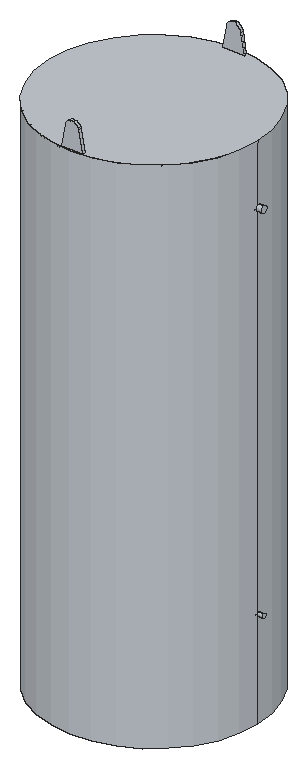
Revit family "Storage_Tank-Rheem--", category Mechanical Equipment, Revit 2021
Family settings
  Round Connector Dimension = Use Diameter
  Classification = None
  Part Type = Normal
  OmniClass Number = 23.65.00.00
  OmniClass Title = Supply and Distribution of Liquids and Gases
  Work Plane-Based = No
  Always vertical = Yes
  Cut with Voids When Loaded = No
  Shared = No
  Room Calculation Point = No
Parameters (values of type "1000L")
  Weight Empty = 400.00 kgf
  Water Heater Array Quantity [instance] = 1
  Version = 1
  URL = "https://www.rheem.com.au/"
  Top Hook Height = 110 mm
  Tank Outside Radius = Tank Outside Diameter / 2  # 440 mm
  Tank Outside Diameter = 880 mm
  Tank Material = Metal - Rheem - Stainless Steel
  Tank Height = 2200 mm
  System Flow Coefficient [instance] = if(Water Heater Array Quantity < 2, 1, 1 / Water Heater Array Quantity)  # 100.00%
  Storage Capacity = 3000.00 L
  Product Page URL = "https://www.rheem.com.au/rheem/products/Commercial/Commercial-Storage-Tanks/c/commercial-storage-tanks"
  Model = "1000L"
  Maximum Water Supply Pressure = 560.00 kPa
  Maximum Stored Water Temperature = 85 °C
  Maximum Power Input = 147 kW
  Manufacturer = "Rheem"  # constant formula
  Hot Water Supply Offset = 1803 mm
  Hot Water Supply Flow [instance] = 0 GPM
  Hot Water Return Flow [instance] = 0 GPM
  Hot Water Flow Return Offset = 879 mm
  ENGworks Global = "www.ENGworksGlobal.com"
  Description = "Air Sourced Heat Pump Water Heater"
  Default Elevation = 0 mm
  Cold Water Inlet Offset = 417 mm
  Cold Water Inlet Flow [instance] = Hot Water Supply Flow - Hot Water Return Flow  # 0 GPM
  Base Mount Offset From Center = 220 mm
  Assembly Code = "D3020"
Types (3, lengths in mm): name | Weight Empty | Water Heater Array Quantity | Tank Outside Radius | Tank Outside Diameter | Tank Height | Storage Capacity | Model | Hot Water Supply Offset | Hot Water Flow Return Offset | Cold Water Inlet Offset | Base Mount Offset From Center
  1000L | 400.00 kgf | 1 | 440 | 880 | 2200 | 3000.00 L | "1000L" | 1803 | 879 | 417 | 220
  2000L | 330.00 kgf | 0 | 650 | 1300 | 2090 | 2000.00 L | "2000L" | 1700 | 1024 | 462 | 325
  3000L | 400.00 kgf | 0 | 650 | 1300 | 2990 | 3000.00 L | "3000L" | 2395 | 1135 | 505 | 325
Reference planes
  plane 1 "Center (Front/Back)": y = 0
  plane 2: z = 0
  plane 3 "Center (Left/Right)": x = 0
  plane 4: z = 2200
  plane 5: z = 2310
  plane 6: z = 1950
  plane 7: z = 1803
  plane 8: z = 879
  plane 9: z = 417
  plane 10: x = -465
  plane 11: x = -440
  plane 12: x = 465
  plane 13: y = 440
  plane 14: y = -440
  plane 15: y = -460
Forms (mm)
  Sweep 1, solid, material "Metal - Rheem - Stainless Steel" <- "Tank Material"
    path origin (0, 0, 0) x (1, 0, 0) y (0, 0, 1)
      loop
        line (0, 2200) -> (0, 0)
    profile "Profile-Pipe OR : Profile-Pipe OR" origin (0, 0, 1100) x (1, 0, 0) y (0, -1, 0)
      loop
        circle (0, 0) r 440
  Extrusion 2, solid, material "Metal - Rheem - Stainless Steel" <- "Tank Material"
    sketch origin (0, 0, 0) x (1, 0, 0) y (0, 0, 1)
      loop
        line (-45.594, 2200) -> (45.594, 2200) -> (28.349, 2286.801)
        arc (28.349, 2286.801) -> (0.115, 2310) -> (-28.163, 2286.856) r 28.814
        line (-28.163, 2286.856) -> (-45.594, 2200)
    from 420 to 430
  Sweep 3, solid, material "Metal - Rheem - Stainless Steel" <- "Tank Material"
    path origin (0, 0, 0) x (1, 0, 0) y (0, 0, 1)
      loop
        line (-465, 1803) -> (0, 1803)
    profile "Profile-Pipe OR : Profile-Pipe OR 2" origin (-232.5, 0, 1803) x (0, 0, 1) y (0, -1, 0)
      loop
        circle (0, 0) r 25
  Sweep 4, solid, material "Metal - Rheem - Stainless Steel" <- "Tank Material"
    path origin (0, 0, 0) x (1, 0, 0) y (0, 0, 1)
      loop
        line (-465, 879) -> (0, 879)
    profile "Profile-Pipe OR : Profile-Pipe OR 2" origin (-232.5, 0, 879) x (0, 0, 1) y (0, -1, 0)
      loop
        circle (0, 0) r 25
  Sweep 5, solid, material "Metal - Rheem - Stainless Steel" <- "Tank Material"
    path origin (0, 0, 0) x (1, 0, 0) y (0, 0, 1)
      loop
        line (-465, 417) -> (0, 417)
    profile "Profile-Pipe OR : Profile-Pipe OR 2" origin (-232.5, 0, 417) x (0, 0, 1) y (0, -1, 0)
      loop
        circle (0, 0) r 25
  Sweep 6, solid, material "Metal - Rheem - Stainless Steel" <- "Tank Material"
    path origin (0, 0, 0) x (1, 0, 0) y (0, 0, 1)
      loop
        line (0, 1950) -> (465, 1950)
    profile "Profile-Pipe OR : Profile-Pipe OR 3" origin (232.5, 0, 1950) x (0, 0, 1) y (0, -1, 0)
      loop
        circle (0, 0) r 12.5
  Sweep 7, solid, material "Metal - Rheem - Stainless Steel" <- "Tank Material"
    path origin (0, 0, 0) x (1, 0, 0) y (0, 0, 1)
      loop
        line (0, 417) -> (465, 417)
    profile "Profile-Pipe OR : Profile-Pipe OR 4" origin (232.5, 0, 417) x (0, 0, 1) y (0, -1, 0)
      loop
        circle (0, 0) r 7.5
  Extrusion 8, solid, material "Metal - Rheem - Stainless Steel" <- "Tank Material"
    sketch origin (0, 0, 0) x (1, 0, 0) y (0, 0, 1)
      loop
        line (-45.594, 2200) -> (45.594, 2200) -> (29.506, 2280.974)
        arc (29.506, 2280.974) -> (0.336, 2309.999) -> (-29.332, 2281.483) r 29.428
        line (-29.332, 2281.483) -> (-45.594, 2200)
    from -430 to -420
Lines and regions (mm)
  reference lines
    curve 1: line (0, 0, 0) -> (-360, 623.538, 0)
    curve 2: line (0, 0, 0) -> (-400, -692.82, 0)
Dimensions and locks
  "Tank Height": plane 4 to plane 2
  "Top Hook Height": plane 5 to plane 4
  "Hot Water Supply Offset": plane 7 to plane 2
  locked: plane 6 to plane 2 at 1950
  "Cold Water Inlet Offset": plane 9 to plane 2
  "Hot Water Flow Return Offset": plane 8 to plane 2
  equal spacing: plane 12, plane 3 "Center (Left/Right)", plane 10
  equal spacing: plane 13, plane 1 "Center (Front/Back)", plane 14
  "Tank Outside Radius": plane 1 "Center (Front/Back)" to plane 14
  locked: plane 14 to plane 15 at 20
  locked: Extrusion 2 to plane 14 at 10
  equal spacing: Extrusion 2, Extrusion 2, plane 14
  equal spacing: Extrusion 2 sketch curve, plane 3 "Center (Left/Right)", Extrusion 2 sketch curve
  "Top Hook Height": Extrusion 2 sketch curve to plane 4
  equal spacing: Extrusion 8 sketch curve, plane 3 "Center (Left/Right)", Extrusion 8 sketch curve
  "Top Hook Height": Extrusion 8 sketch curve to plane 4
  equal spacing: plane 13, Extrusion 8, Extrusion 8
  locked: plane 13 to Extrusion 8 at 10
  locked: plane 10 to plane 11 at 25
  "Tank Outside Radius": plane 3 "Center (Left/Right)" to plane 11
  angle curve 2 to plane 1 "Center (Front/Back)" = 120.00°
  angle plane 1 "Center (Front/Back)" to curve 1 = 120.00°
  aligned and locked: plane 2 to level
  aligned and locked: plane 4 to Sweep 1 sketch curve
  aligned and locked: plane 2 to Sweep 1 sketch curve
  aligned and locked: Sweep 1 sketch curve to plane 3 "Center (Left/Right)"
  aligned and locked: plane 1 "Center (Front/Back)" to curve 2
  aligned and locked: plane 3 "Center (Left/Right)" to curve 1
  aligned and locked: Extrusion 2 sketch curve to plane 4
  aligned and locked: plane 3 "Center (Left/Right)" to Sweep 3 sketch curve
  aligned and locked: plane 10 to Sweep 3 sketch curve
  aligned and locked: Sweep 3 sketch curve to plane 7
  aligned and locked: plane 3 "Center (Left/Right)" to Sweep 4 sketch curve
  aligned and locked: plane 10 to Sweep 4 sketch curve
  aligned and locked: Sweep 4 sketch curve to plane 8
  aligned and locked: plane 3 "Center (Left/Right)" to Sweep 5 sketch curve
  aligned and locked: plane 10 to Sweep 5 sketch curve
  aligned and locked: Sweep 5 sketch curve to plane 9
  aligned and locked: plane 12 to Sweep 6 sketch curve
  aligned and locked: plane 3 "Center (Left/Right)" to Sweep 6 sketch curve
  aligned and locked: Sweep 6 sketch curve to plane 6
  aligned and locked: Sweep 7 sketch curve to plane 9
  aligned and locked: plane 3 "Center (Left/Right)" to Sweep 7 sketch curve
  aligned and locked: plane 12 to Sweep 7 sketch curve
Automatic sketch dimensions
  Extrusion 2 sketch curve to plane 3 "Center (Left/Right)" = 28.163 mm
  plane 3 "Center (Left/Right)" to Extrusion 2 sketch curve = 0.087 mm
  Extrusion 2 sketch curve to plane 5 = 23.199 mm
  Extrusion 8 sketch curve to plane 4 = 0 mm
  Extrusion 8 sketch curve to plane 3 "Center (Left/Right)" = 29.332 mm
  plane 3 "Center (Left/Right)" to Extrusion 8 sketch curve = 0.081 mm
  plane 3 "Center (Left/Right)" to Extrusion 8 sketch curve = 29.506 mm
  Extrusion 8 sketch curve to plane 5 = 29.026 mm
  Extrusion 8 sketch curve to plane 3 "Center (Left/Right)" = 45.594 mm
Connectors
  piping at (-465, 0, 1803), diameter 50, driven by "Hot Water Supply Flow", driven by "System Flow Coefficient"
    settings: on Sweep 3, index 1, connector inside diameter 609.6 mm, connector length 0 mm, flow factor 1, pipe flow 0 GPM, pressure drop 0.00 kPa, fitting loss kfactor 0, connector angle 0.00°, fixture units 0, engagement length 0 mm, angle of deflection 0.00°, flow configuration 2, flow direction 2, fitting loss method 0, system type 19, joint type 0, gender type 0, connector reference index -1, connector utility 0, adjustable connector no, is connector primary yes, connector description "Hot Water Supply"
  piping at (-465, 0, 879), diameter 50, driven by "Hot Water Return Flow"
    settings: on Sweep 4, index 2, connector inside diameter 609.6 mm, connector length 0 mm, flow factor 0, pipe flow 0 GPM, pressure drop 0.00 kPa, fitting loss kfactor 0, connector angle 0.00°, fixture units 0, engagement length 0 mm, angle of deflection 0.00°, flow configuration 2, flow direction 1, fitting loss method 0, system type 19, joint type 0, gender type 0, connector reference index -1, connector utility 0, adjustable connector no, is connector primary no, connector description "Hot Water Return"
  piping at (-465, 0, 417), diameter 50, driven by "Cold Water Inlet Flow"
    settings: on Sweep 5, index 3, connector inside diameter 609.6 mm, connector length 0 mm, flow factor 0, pipe flow 0 GPM, pressure drop 0.00 kPa, fitting loss kfactor 0, connector angle 0.00°, fixture units 0, engagement length 0 mm, angle of deflection 0.00°, flow configuration 1, flow direction 1, fitting loss method 4, system type 20, joint type 0, gender type 0, connector reference index -1, connector utility 0, adjustable connector no, is connector primary no, connector description "Cold Water Inlet"
